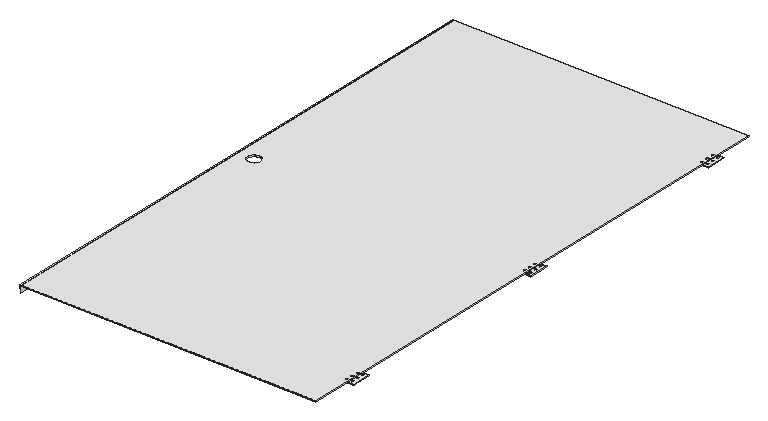
Revit family "Door-Precision_Ladders-Aluminum_Security_Door", category Specialty Equipment, host Face, Revit 2014
Parameters (values of type "Aluminum Security Door")
  Width = 3' - 10"
  URL = "www.precisionladders.com"
  Product Page URL = "http://www.precisionladders.com/products/miscellaneous-products/"
  Product Name = "Aluminum Security Door"  # constant formula
  Product Documentation Link = "http://www.precisionladders.com/assets/pladders/files/resources/Miscellaneous/e~Security%20Door/sd-01.pdf"
  Model = "SD-01"  # constant formula
  Material = ""
  Manufacturer = "Precision Ladders, LLC"  # constant formula
  Finish = Metal - Precision Ladders LLC - Aluminium
  Description = "Aluminum Security Door"  # constant formula
  Default Elevation = 4' - 0"
Reference planes (in)
  plane 1 "Center (Front/Back)": y = 0
  plane 2: z = 0
  plane 3 "Center (Left/Right)": x = 0
  plane 4: x = -23
  plane 5: x = 23
  plane 6: y = 42
  plane 7: y = -42
  plane 8: x = 24
  plane 9: z = 0.125
Forms (in)
  Extrusion 1, solid, material "Metal - Precision Ladders LLC - Aluminium" <- "Finish"
    sketch origin (0, 0, 0) x (1, 0, 0) y (0, 1, 0)
      loop
        line (-23, 42) -> (-23, -42) -> (23, -42) -> (23, 42) -> (-23, 42)
      loop
        circle (-20.25, 0) r 1
      loop
        circle (22.625, 34.5) r 0.12342
      loop
        circle (22.625, 35.5) r 0.12342
      loop
        circle (22.625, 33.5) r 0.12342
      loop
        circle (22.625, 0) r 0.12342
      loop
        circle (22.625, 1) r 0.12342
      loop
        circle (22.625, -1) r 0.12342
      loop
        circle (22.625, -34.5) r 0.12342
      loop
        circle (22.625, -33.5) r 0.12342
      loop
        circle (22.625, -35.5) r 0.12342
    from 0 to 0.125
  Extrusion 2, solid, material "Metal - Precision Ladders LLC - Aluminium" <- "Finish"
    sketch origin (0, 0, 0) x (1, 0, 0) y (0, 1, 0)
      loop
        line (23, 1.5) -> (23, -1.5) -> (24, -1.5) -> (24, 1.5) -> (23, 1.5)
      loop
        line (23, 36) -> (23, 33) -> (24, 33) -> (24, 36) -> (23, 36)
      loop
        line (23, -36) -> (24, -36) -> (24, -33) -> (23, -33) -> (23, -36)
      loop
        circle (23.5, 35.5) r 0.1259
      loop
        circle (23.5, 34.5) r 0.1259
      loop
        circle (23.5, 33.5) r 0.1259
      loop
        circle (23.5, 1) r 0.1259
      loop
        circle (23.5, 0) r 0.1259
      loop
        circle (23.5, -1) r 0.1259
      loop
        circle (23.5, -33.5) r 0.1259
      loop
        circle (23.5, -34.5) r 0.1259
      loop
        circle (23.5, -35.5) r 0.1259
    from 0 to 0.125
  Extrusion 3, solid, material "Metal - Precision Ladders LLC - Aluminium" <- "Finish"
    sketch origin (0, 0, 0) x (1, 0, 0) y (0, 0, 1)
      loop
        line (-23, 0) -> (-23, -1) -> (-22.875, -1) -> (-22.875, 0) -> (-23, 0)
    from -42 to 42
Cuts and joins
  joined: Extrusion 1, Extrusion 3
Lines and regions (in)
  Masking region 1
    outline origin (0, 0, 0) x (1, 0, 0) y (0, 1, 0)
      loop
        line (-23, 42) -> (-23, -42) -> (23, -42) -> (23, 42) -> (-23, 42)
  Masking region 2
    outline origin (0, 0, 0) x (1, 0, 0) y (0, 0, 1)
      loop
        line (24, 0.125) -> (23, 0.125) -> (23, 0) -> (24, 0) -> (24, 0.125)
  Masking region 3
    outline origin (0, 0, 0) x (1, 0, 0) y (0, 0, 1)
      loop
        line (23, 0.125) -> (-23, 0.125) -> (-23, 0) -> (23, 0) -> (23, 0.125)
Dimensions and locks (in)
  Extrusion 2 sketch curve to plane 1 "Center (Front/Back)" to Extrusion 2 sketch curve = 0' - 1 1/2" locked, 0' - 1 1/2" locked
  plane 6 to Extrusion 2 sketch curve to Extrusion 2 sketch curve = 0' - 6" locked, 0' - 3" locked
  plane 7 to Extrusion 2 sketch curve to Extrusion 2 sketch curve = 0' - 6" locked, 0' - 3" locked
  equal spacing: plane 4, plane 3 "Center (Left/Right)", plane 5
  equal spacing: plane 7, plane 1 "Center (Front/Back)", plane 6, locked at 42 each
  locked: plane 7 to plane 6 at 84
  "Width": plane 4 to plane 5
  locked: plane 5 to plane 8 at 1
  locked: plane 9 to plane 2 at 0.125
  locked: Extrusion 3 sketch curve to plane 4 at 0.125
  locked: Extrusion 3 sketch curve to Extrusion 3 sketch curve at 1
  Extrusion 2 sketch curve to Extrusion 2 sketch curve to Extrusion 2 sketch curve to plane 6 = 0' - 1" locked, 0' - 1" locked, 0' - 6 1/2" locked
  locked: Extrusion 2 sketch curve to plane 8 at 0.5  (x3)
  locked: plane 5 to Extrusion 2 sketch curve at 0.3741  (x9)
  locked: plane 5 to Extrusion 2 sketch curve at 0.5  (x6)
  plane 7 to Extrusion 2 sketch curve to Extrusion 2 sketch curve to Extrusion 2 sketch curve = 0' - 6 1/2" locked, 0' - 1" locked, 0' - 1" locked
  Extrusion 2 sketch curve to plane 1 "Center (Front/Back)" to Extrusion 2 sketch curve to Extrusion 2 sketch curve = 0' - 1" locked, 0' - 0" locked, 0' - 1" locked
  aligned and locked: plane 2 to host face
  aligned and locked: level to host face
  aligned and locked: plane 6 to Extrusion 1 sketch curve
  aligned and locked: plane 4 to Extrusion 1 sketch curve
  aligned and locked: Extrusion 1 sketch curve to plane 7
  aligned and locked: Extrusion 1 sketch curve to plane 5
  aligned and locked: plane 5 to Extrusion 2 sketch curve  (x2)
  aligned and locked: Extrusion 2 sketch curve to plane 8  (x2)
  aligned and locked: plane 9 to Extrusion 1
  aligned and locked: Extrusion 2 to Extrusion 1
  aligned and locked: host face to Extrusion 3 sketch curve
  aligned and locked: plane 7 to Extrusion 3
  aligned and locked: Extrusion 3 to plane 6
  aligned and locked: Masking region 1 sketch curve to plane 7
  aligned and locked: plane 6 to Masking region 1 sketch curve
  aligned and locked: plane 4 to Masking region 1 sketch curve
  aligned and locked: Masking region 1 sketch curve to plane 5
  aligned and locked: level to Masking region 2 sketch curve
  aligned and locked: plane 5 to Masking region 2 sketch curve
  aligned and locked: Masking region 2 sketch curve to plane 8
  aligned and locked: Masking region 2 sketch curve to plane 9
  aligned and locked: level to Masking region 3 sketch curve
  aligned and locked: Masking region 3 sketch curve to plane 5
  aligned and locked: plane 4 to Masking region 3 sketch curve
  aligned and locked: Masking region 3 sketch curve to plane 9
  aligned and locked: plane 8 to Extrusion 2 sketch curve
  aligned and locked: Extrusion 2 sketch curve to plane 5
Automatic sketch dimensions
  host sketch curve to host sketch curve = 8' - 0"  (x2)
  plane 1 "Center (Front/Back)" to Extrusion 1 sketch curve = 0' - 0"  (x2)
  plane 4 to Extrusion 1 sketch curve = 0' - 2 3/4"
  Extrusion 1 sketch curve to plane 5 = 0' - 0 3/8"  (x9)
  Extrusion 1 sketch curve to plane 7 = 0' - 6 1/2"
  Extrusion 1 sketch curve to Extrusion 1 sketch curve = 0' - 1"  (x5)
  Extrusion 1 sketch curve to plane 1 "Center (Front/Back)" = 0' - 1"
  plane 6 to Extrusion 1 sketch curve = 0' - 8 1/2"
  Extrusion 3 sketch curve to plane 4 = 0' - 0"
  radius of Extrusion 1 sketch curve = 0' - 1"
  radius of Extrusion 1 sketch curve = 0' - 0.12342"  (x9)
